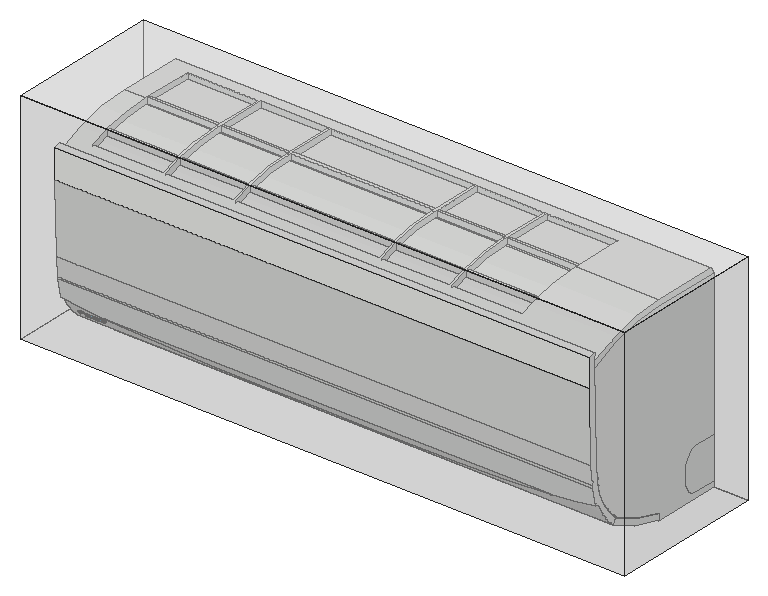
Revit family "outputfile", category 機械設備, Revit 2024
Family settings
  丸型コネクタ寸法 = 半径を使用
  パーツ タイプ = 標準
  OmniClass 番号 = 23.75.10.24.21.27.27
  OmniClass タイトル = Split System Air Conditioning Units
  作業面ベース = いいえ
  常に垂直 = はい
  ロード時にボイドで切り取り = いいえ
  注釈の向きを維持 = いいえ
  共有 = いいえ
  部屋計算ポイント = いいえ
Parameters (values of type "CTKC09RV2S")
  Description = ""
  書き出し IFC クラス(タイプ) = "IfcUnitaryEquipmentType"
  定義済み IFC タイプ(タイプ) = "AIRCONDITIONINGUNIT"
  Cost = 0
  Type Comments = ""
  Keynote = ""
  Type Image = (empty or 0)
  Assembly Code = ""
  w_wall hole = if(Width = 770.0 mm, 48.0 mm, 60.0 mm)  # 48.0 mm
  製造元 = "Daikin"
  モデル = "CTKC09RV2S"
  switch_frequency = yes
  r_Liquid Pipe Size = Liquid Pipe Size / 2  # 3.2 mm
  r_Gas Pipe Size = Gas Pipe Size / 2  # 4.75 mm
  r_Drain Pipe Size = Drain Pipe Size / 2  # 8.0 mm
  lw_powersupply [instance] = if(Width = 770.0 mm, if(or(Rear Right Connection_refrigerant, Bottom Right Connection_refrigerant), 25.0 mm, if(or(Rear Left Connection_refrigerant, Bottom Left Connection_refrigerant), 745.0 mm, 400.0 mm)), if(Width = 990.0 mm, if(or(Rear Right Connection_refrigerant, Bottom Right Connection_refrigerant), 40.0 mm, if(or(Rear Left Connection_refrigerant, Bottom Left Connection_refrigerant), 920.0 mm, 400.0 mm)), if(or(Rear Right Connection_refrigerant, Bottom Right Connection_refrigerant), 40.0 mm, if(or(Rear Left Connection_refrigerant, Bottom Left Connection_refrigerant), 920.0 mm, 400.0 mm))))  # 400.0 mm
  lw_liquidpipe [instance] = if(Width = 770.0 mm, if(or(Rear Right Connection_refrigerant, Bottom Right Connection_refrigerant), 0.0 mm, if(or(Rear Left Connection_refrigerant, Bottom Left Connection_refrigerant), 664.0 mm, 385.0 mm)), if(Width = 990.0 mm, if(or(Rear Right Connection_refrigerant, Bottom Right Connection_refrigerant), 0.0 mm, if(or(Rear Left Connection_refrigerant, Bottom Left Connection_refrigerant), 664.0 mm + (990.0 mm - 770.0 mm), 475.0 mm)), if(or(Rear Right Connection_refrigerant, Bottom Right Connection_refrigerant), 0.0 mm, if(or(Rear Left Connection_refrigerant, Bottom Left Connection_refrigerant), 664.0 mm + (990.0 mm - 770.0 mm), 475.0 mm))))  # 385.0 mm
  lw_gaspipe [instance] = if(Width = 770.0 mm, if(or(Rear Right Connection_refrigerant, Bottom Right Connection_refrigerant), 0.0 mm, if(or(Rear Left Connection_refrigerant, Bottom Left Connection_refrigerant), 675.0 mm, if(Gas Pipe Size = 12.7 mm, 345.0 mm, 335.0 mm))), if(Width = 990.0 mm, if(or(Rear Right Connection_refrigerant, Bottom Right Connection_refrigerant), 10.0 mm, if(or(Rear Left Connection_refrigerant, Bottom Left Connection_refrigerant), 890.0 mm, if(Gas Pipe Size = 15.9 mm, 410.0 mm, 400.0 mm))), if(or(Rear Right Connection_refrigerant, Bottom Right Connection_refrigerant), 10.0 mm, if(or(Rear Left Connection_refrigerant, Bottom Left Connection_refrigerant), 890.0 mm, if(Gas Pipe Size = 15.9 mm, 410.0 mm, 400.0 mm)))))  # 335.0 mm
  lw_drainpipe [instance] = if(Width = 770.0 mm, if(or(Rear Right Connection_refrigerant, Bottom Right Connection_refrigerant), 0.0 mm, if(or(Rear Left Connection_refrigerant, Bottom Left Connection_refrigerant), 770.0 mm - 48.0 mm - 48.0 mm, 440.0 mm)), if(Width = 990.0 mm, if(or(Rear Right Connection_refrigerant, Bottom Right Connection_refrigerant), 0.0 mm, if(or(Rear Left Connection_refrigerant, Bottom Left Connection_refrigerant), 675.0 mm + (990.0 mm - 770.0 mm), 435.0 mm)), if(or(Rear Right Connection_refrigerant, Bottom Right Connection_refrigerant), 0.0 mm, if(or(Rear Left Connection_refrigerant, Bottom Left Connection_refrigerant), 675.0 mm + (990.0 mm - 770.0 mm), 435.0 mm))))  # 440.0 mm
  l_powersupply_length [instance] = if(Width = 770.0 mm, if(Right Connection_refrigerant, 400.0 mm, if(Left Connection_refrigerant, 770.0 mm - 400.0 mm, if(or(Rear Left Connection_refrigerant, Rear Right Connection_refrigerant), 15.0 mm, 50.0 mm))), if(Width = 990.0 mm, if(Right Connection_refrigerant, 400.0 mm, if(Left Connection_refrigerant, 990.0 mm - 400.0 mm, if(or(Rear Left Connection_refrigerant, Rear Right Connection_refrigerant), 15.0 mm, 50.0 mm))), if(Right Connection_refrigerant, 400.0 mm, if(Left Connection_refrigerant, 990.0 mm - 400.0 mm, if(or(Rear Left Connection_refrigerant, Rear Right Connection_refrigerant), 15.0 mm, 50.0 mm)))))  # 400.0 mm
  l_liquidpipe_length [instance] = if(Width = 770.0 mm, if(Right Connection_refrigerant, 433.0 mm, if(Left Connection_refrigerant, 337.0 mm, if(or(Rear Left Connection_refrigerant, Rear Right Connection_refrigerant), 30.0 mm, 40.0 mm))), if(Width = 990.0 mm, if(Right Connection_refrigerant, 535.0 mm, if(Left Connection_refrigerant, 455.0 mm, if(or(Rear Left Connection_refrigerant, Rear Right Connection_refrigerant), 30.0 mm, 40.0 mm))), if(Right Connection_refrigerant, 535.0 mm, if(Left Connection_refrigerant, 455.0 mm, if(or(Rear Left Connection_refrigerant, Rear Right Connection_refrigerant), 30.0 mm, 40.0 mm)))))  # 433.0 mm
  l_gaspipe_length [instance] = if(Width = 770.0 mm, if(Right Connection_refrigerant, if(Gas Pipe Size = 12.7 mm, 393.0 mm, 383.0 mm), if(Left Connection_refrigerant, if(Gas Pipe Size = 12.7 mm, 770.0 mm - 393.0 mm, 770.0 mm - 383.0 mm), if(or(Rear Left Connection_refrigerant, Rear Right Connection_refrigerant), 40.0 mm, 50.0 mm))), if(Width = 990.0 mm, if(Right Connection_refrigerant, if(Gas Pipe Size = 15.9 mm, 470.0 mm, 460.0 mm), if(Left Connection_refrigerant, if(Gas Pipe Size = 15.9 mm, 990.0 mm - 470.0 mm, 990.0 mm - 460.0 mm), if(or(Rear Left Connection_refrigerant, Rear Right Connection_refrigerant), 40.0 mm, 50.0 mm))), if(Right Connection_refrigerant, if(Gas Pipe Size = 15.9 mm, 470.0 mm, 460.0 mm), if(Left Connection_refrigerant, if(Gas Pipe Size = 15.9 mm, 990.0 mm - 470.0 mm, 990.0 mm - 460.0 mm), if(or(Rear Left Connection_refrigerant, Rear Right Connection_refrigerant), 40.0 mm, 50.0 mm)))))  # 383.0 mm
  l_drainpipe_length [instance] = if(Width = 770.0 mm, if(Right Connection_refrigerant, 488.0 mm, if(Left Connection_refrigerant, 282.0 mm, if(or(Rear Left Connection_refrigerant, Rear Right Connection_refrigerant), 15.0 mm, 20.0 mm))), if(Width = 990.0 mm, if(Right Connection_refrigerant, 495.0 mm, if(Left Connection_refrigerant, 495.0 mm, if(or(Rear Left Connection_refrigerant, Rear Right Connection_refrigerant), 15.0 mm, 20.0 mm))), if(Right Connection_refrigerant, 495.0 mm, if(Left Connection_refrigerant, 495.0 mm, if(or(Rear Left Connection_refrigerant, Rear Right Connection_refrigerant), 15.0 mm, 20.0 mm)))))  # 488.0 mm
  h*** = 0.0 mm  # constant formula
  connector_voltage = Voltage_50Hz  # 220 V
  connector_powerinput = [Power Input (Cooling)]  # 0.000 kW
  connector_phase = Phase_50Hz  # 1
  angle_vertical [instance] = if(or(Bottom Left Connection_refrigerant, Bottom Right Connection_refrigerant), 0.00°, 90.00°)  # 90.00°
  angle_horizontal [instance] = if(Right Connection_refrigerant, 90.00°, if(Left Connection_refrigerant, -90.00°, if(or(Rear Left Connection_refrigerant, Rear Right Connection_refrigerant), 180.00°, 0.00°)))  # 90.00°
  Width = 770.0 mm
  Voltage_comment_50Hz = "220 - 240"
  Voltage_50Hz = 220 V
  Version = "ver.1.0"
  Unit Type = "Wall Mounted"
  Unit Mass Weight = 9.00 kg
  Unit Designation [instance] = ""
  Uniclass2015Version = "Products v1.30"
  Uniclass2015Title = "Split coil room air conditioning units"
  Uniclass2015Code = "Pr_70_65_03_86"
  URL = ""
  Total Cooling Capacity [instance] = 0.000 kW
  Sound Pressure Level_M speed (dBA) = 33
  Sound Pressure Level_L speed (dBA) = 25
  Sound Pressure Level_H speed (dBA) = 38
  Sound Power Level_H speed (dB) = 0
  Series = "Multi Split_Fan Coil Unit"
  Sensible Cooling Capacity [instance] = 0.000 kW
  Refrigerant Type = "R32"
  Power Input (Cooling) = 0.000 kW
  Phase_50Hz = 1
  Option Accessory 3 [instance] = ""
  Option Accessory 2 [instance] = ""
  Option Accessory 1 [instance] = ""
  Nominal Cooling Capacity = 2.500 kW
  Minimum Circuit Amps_50Hz = 0.0 A
  Minimum Airflow = 396.00 m³/h
  Median Airflow = 540.00 m³/h
  Maximum Fuse Amps_50Hz = 0.0 A
  Maximum Airflow = 660.00 m³/h
  Material_Casing = DAIKIN_White_Casing_indoorunit
  Load Classification = HVAC
  Liquid Pipe Size = 6.4 mm
  Link_Nested Family [instance] = ""
  IfcVersion = ""
  IfcExportType = "AIRCONDITIONINGUNIT"
  IfcExportAs = "IfcUnitaryEquipmentType"
  Height = 285.0 mm
  Heat Exchanger Type = "Cross Fin Coil"
  Gas Pipe Size = 9.5 mm
  Frequency_50Hz = 50 Hz
  Fan Type = "Cross Flow Fan"
  Fan Drive = "Direct Drive"
  FCU Tag No. [instance] = ""
  Drain Pipe Size = 16.0 mm
  Design Supply Airflow [instance] = 0.00 m³/h
  Depth = 223.0 mm
  既定の高さ = 0.0 mm
  Cooling Entering Wet Bulb Temperature [instance] = 0.00 °C
  Cooling Entering Dry Bulb Temperature [instance] = 0.00 °C
  Cooling Ambient Wet Bulb Temperature [instance] = 0.00 °C
  Cooling Ambient Dry Bulb Temperature [instance] = 0.00 °C
  Clearance visibility [instance] = yes
  Clearance Top = 30.0 mm
  Clearance Right = 50.0 mm
  Clearance Rear = 0.0 mm
  Clearance Left = 50.0 mm
  Clearance Front = 0.0 mm
  Clearance Bottom = 0.0 mm
  Bottom Right Connection_refrigerant [instance] = no
  Bottom Left Connection_refrigerant [instance] = no
  Rear Right Connection_refrigerant [instance] = no
  Rear Left Connection_refrigerant [instance] = no
  Right Connection_refrigerant [instance] = yes
  Left Connection_refrigerant [instance] = no
Reference planes
  plane 1 "Back": y = 0
  plane 2: z = 0
  plane 3 "Center (Left/Right)": x = 0
  plane 4 "Center (Front/Back)": y = -111.5
  plane 5 "Front": y = -223
  plane 6 "Left": x = -385
  plane 7 "Right": x = 385
  plane 8 "Top": z = 0
  plane 9 "Bottom": z = -285
  plane 10: x = -435
  plane 11: x = 435
  plane 12: y = 0
  plane 13: y = -223
  plane 14: z = 30
  plane 15: z = -285
  plane 16 "lw_Piping and Wiring intake": x = 337
  plane 17 "lw_gaspipe": x = 2
  plane 18 "lw_liquidpipe": x = -48
  plane 19 "lw_drainpipe": x = -103
  plane 20 "lh_drainpipe": z = -265
  plane 21 "lh_liquidpipe": z = -245
  plane 22 "lh_gaspipe": z = -235
  plane 23 "ld_drainpipe": y = -15
  plane 24 "ld_liquidpipe": y = -30
  plane 25 "ld_gaspipe": y = -40
  plane 26 "lw_powersupply": x = -15
Dimensions and locks
  equal spacing: plane 6 "Left", plane 3 "Center (Left/Right)", plane 7 "Right"
  "Width": plane 6 "Left" to plane 7 "Right"
  equal spacing: plane 5 "Front", plane 4 "Center (Front/Back)", plane 1 "Back"
  "Depth": plane 5 "Front" to plane 1 "Back"
  "Height": plane 8 "Top" to plane 9 "Bottom"
  "Clearance Rear": plane 12 to plane 1 "Back"
  "Clearance Front": plane 13 to plane 5 "Front"
  "Clearance Top": plane 14 to plane 8 "Top"
  "Clearance Bottom": plane 9 "Bottom" to plane 15
  "w_wall hole": plane 16 "lw_Piping and Wiring intake" to plane 7 "Right"
  "lw_gaspipe": plane 17 "lw_gaspipe" to plane 16 "lw_Piping and Wiring intake"
  "lw_liquidpipe": plane 18 "lw_liquidpipe" to plane 16 "lw_Piping and Wiring intake"
  "lw_drainpipe": plane 19 "lw_drainpipe" to plane 16 "lw_Piping and Wiring intake"
  locked: plane 20 "lh_drainpipe" to plane 9 "Bottom" at 20
  locked: plane 21 "lh_liquidpipe" to plane 9 "Bottom" at 40
  locked: plane 22 "lh_gaspipe" to plane 9 "Bottom" at 50
  locked: plane 23 "ld_drainpipe" to plane 1 "Back" at 15
  locked: plane 1 "Back" to plane 24 "ld_liquidpipe" at 30
  locked: plane 1 "Back" to plane 25 "ld_gaspipe" at 40
  "lw_powersupply": plane 26 "lw_powersupply" to plane 7 "Right"
  "Clearance Right": plane 7 "Right" to plane 11
  "Clearance Left": plane 10 to plane 6 "Left"
  aligned and locked: level to plane 2
  aligned and locked: plane 12 to nested 1
  aligned and locked: nested 1 to plane 13
  aligned and locked: plane 10 to nested 1
  aligned and locked: plane 11 to nested 1
  aligned and locked: plane 15 to nested 1
  aligned and locked: plane 14 to nested 1
  aligned and locked: plane 17 "lw_gaspipe" to nested 2
  aligned and locked: nested 2 to plane 25 "ld_gaspipe"
  aligned and locked: plane 18 "lw_liquidpipe" to nested 3
  aligned and locked: nested 3 to plane 24 "ld_liquidpipe"
  aligned and locked: plane 19 "lw_drainpipe" to nested 4
  aligned and locked: nested 4 to plane 23 "ld_drainpipe"
  aligned and locked: nested 5 to plane 23 "ld_drainpipe"
  aligned and locked: plane 26 "lw_powersupply" to nested 5
  aligned and locked: level to plane 8 "Top"
  aligned and locked: plane 3 "Center (Left/Right)" to nested 6
  aligned and locked: plane 1 "Back" to nested 6
  aligned and locked: plane 8 "Top" to nested 6
Nested families
  nested 1: "daikin_clearancespace" at (0, -111.5, -127.381), show <- "Clearance visibility", visible <- "Clearance visibility", Link_Nested Family <- "Link_Nested Family", type "daikin_clearancespace"
    with width 870.0 mm, show yes, height 315.0 mm, depth 223.0 mm, Link_Nested Family ""
  nested 2: "daikin_connector_rotate3" at (2, -40, -235), angle_vertical <- "angle_vertical", angle_horizontal <- "angle_horizontal", length <- "l_gaspipe_length", radius <- "r_Gas Pipe Size", type "daikin_connector_rotate3"
    with show no, radius 4.75 mm, length 383.0 mm, angle_vertical 90.00°, angle_horizontal 90.00°
  nested 3: "daikin_connector_rotate3" at (-48, -30, -245), angle_vertical <- "angle_vertical", angle_horizontal <- "angle_horizontal", radius <- "r_Liquid Pipe Size", length <- "l_liquidpipe_length", type "daikin_connector_rotate3"
    with show no, radius 3.2 mm, length 433.0 mm, angle_vertical 90.00°, angle_horizontal 90.00°
  nested 4: "daikin_connector_rotate3" at (-103, -15, -265), angle_vertical <- "angle_vertical", angle_horizontal <- "angle_horizontal", length <- "l_drainpipe_length", radius <- "r_Drain Pipe Size", type "daikin_connector_rotate3"
    with show no, radius 8.0 mm, length 488.0 mm, angle_vertical 90.00°, angle_horizontal 90.00°
  nested 5: "daikin_connector_rotate3" at (-15, -15, -235), angle_vertical <- "angle_vertical", angle_horizontal <- "angle_horizontal", length <- "l_powersupply_length", type "daikin_connector_rotate3"
    with show no, radius 10.0 mm, length 400.0 mm, angle_vertical 90.00°, angle_horizontal 90.00°
  nested 6: "DAIKIN_indoorunit_CTKC-RV2S" at (-31, 0, 0), type "CTKC-RV2S"
Connectors
  piping at (385, -40, -235), diameter 9.5, driven by "r_Gas Pipe Size"
    settings: on nested 2, index 1, connector inside diameter 609.6 mm, connector length 0.0 mm, flow factor 0, pipe flow 0.00 m³/h, pressure drop 0.0 Pa, fitting loss kfactor 0, connector angle 0.00°, fixture units 0, engagement length 0.0 mm, angle of deflection 0.00°, flow configuration 1, flow direction 2, fitting loss method 0, system type 29, joint type 0, gender type 0, connector reference index -1, connector utility 0, adjustable connector no, is connector primary yes, connector description "Refrigerant Gas Piping"
  piping at (385, -30, -245), diameter 6.4, driven by "r_Liquid Pipe Size"
    settings: on nested 3, index 2, connector inside diameter 609.6 mm, connector length 0.0 mm, flow factor 0, pipe flow 0.00 m³/h, pressure drop 0.0 Pa, fitting loss kfactor 0, connector angle 0.00°, fixture units 0, engagement length 0.0 mm, angle of deflection 0.00°, flow configuration 1, flow direction 1, fitting loss method 0, system type 29, joint type 0, gender type 0, connector reference index -1, connector utility 0, adjustable connector no, is connector primary no, connector description "Refrigerant Liquid Piping"
  piping at (385, -15, -265), diameter 16, driven by "r_Drain Pipe Size"
    settings: on nested 4, index 3, connector inside diameter 609.6 mm, connector length 0.0 mm, flow factor 0, pipe flow 0.00 m³/h, pressure drop 0.0 Pa, fitting loss kfactor 0, connector angle 0.00°, fixture units 0, engagement length 0.0 mm, angle of deflection 0.00°, flow configuration 1, flow direction 2, fitting loss method 4, system type 16, joint type 0, gender type 0, connector reference index -1, connector utility 0, adjustable connector no, is connector primary no, connector description "Condensate Drain Piping"
  electrical at (385, -15, -235), driven by "Load Classification", driven by "connector_powerinput", driven by "connector_voltage", driven by "connector_phase"
    settings: on nested 5, index 4, voltage 220 V, apparent load 0 VA, apparent load phase1 0 VA, apparent load phase2 0 VA, apparent load phase3 0 VA, power factor 1, load classification "HVAC", number of poles 1, system type 30, power factor state 1, is connector primary yes, connector utility no, sub classification motor no, connector description "Power Supply"
Definition of nested family "daikin_clearancespace"
  Parameters (values of type "daikin_clearancespace")
    Description = "daikin_clearancespace"
    width [instance] = 1823.963 mm
    show [instance] = yes
    material = none
    height [instance] = 1359.762 mm
    depth [instance] = 880.0 mm
    Default Elevation = 0.0 mm
    Link_Nested Family [instance] = ""
  Reference planes
    plane 1 "Center (Front/Back)": y = 0
    plane 2 "Center (Elevation)": z = -0.119
    plane 3 "Center (Left/Right)": x = 0
    plane 4: y = 440
    plane 5: y = -440
    plane 6 "Right": x = 911.982
    plane 7 "Left": x = -911.982
    plane 8 "Top": z = 679.762
    plane 9 "Bottom": z = -680
  Forms (mm)
    Extrusion 1, solid, material <- "material", visible <- "show"
      sketch origin (0, 0, 0) x (1, 0, 0) y (0, 1, 0)
        loop
          line (-911.982, 440) -> (-911.982, -440) -> (911.982, -440) -> (911.982, 440) -> (-911.982, 440)
      from -680 to 679.762
  Lines and regions (mm)
    symbolic lines, visible <- "show"
      curve 1: line (911.982, 440, 0) -> (-911.982, 440, 0)
      curve 2: line (-911.982, 440, 0) -> (-911.982, -440, 0)
      curve 3: line (-911.982, -440, 0) -> (911.982, -440, 0)
      curve 4: line (911.982, -440, 0) -> (911.982, 440, 0)
      curve 5: line (911.982, 0, 679.762) -> (-911.982, 0, 679.762)
      curve 6: line (911.982, 0, -680) -> (911.982, 0, 679.762)
      curve 7: line (-911.982, 0, -680) -> (911.982, 0, -680)
      curve 8: line (-911.982, 0, 679.762) -> (-911.982, 0, -680)
      curve 9: line (0, 440, 679.762) -> (0, -440, 679.762)
      curve 10: line (0, -440, 679.762) -> (0, -440, -680)
      curve 11: line (0, 440, -680) -> (0, 440, 679.762)
      curve 12: line (0, -440, -680) -> (0, 440, -680)
  Dimensions and locks
    "width": plane 7 "Left" to plane 6 "Right"
    "depth": plane 4 to plane 5
    "height": plane 8 "Top" to plane 9 "Bottom"
    equal spacing: plane 7 "Left", plane 3 "Center (Left/Right)", plane 6 "Right"
    equal spacing: plane 4, plane 1 "Center (Front/Back)", plane 5
    equal spacing: plane 8 "Top", plane 2 "Center (Elevation)", plane 9 "Bottom"
    aligned and locked: level to plane 2 "Center (Elevation)"
    aligned and locked: Extrusion 1 sketch curve to plane 4
    aligned and locked: plane 7 "Left" to Extrusion 1 sketch curve
    aligned and locked: Extrusion 1 sketch curve to plane 5
    aligned and locked: Extrusion 1 sketch curve to plane 6 "Right"
    aligned and locked: plane 8 "Top" to Extrusion 1
    aligned and locked: curve 1 to Extrusion 1
    aligned and locked: curve 2 to Extrusion 1
    aligned and locked: curve 3 to Extrusion 1
    aligned and locked: curve 4 to Extrusion 1
    aligned and locked: curve 5 to Extrusion 1
    aligned and locked: curve 6 to Extrusion 1
    aligned and locked: curve 7 to Extrusion 1
    aligned and locked: curve 8 to Extrusion 1
    aligned and locked: curve 9 to Extrusion 1
    aligned and locked: curve 10 to Extrusion 1
    aligned and locked: curve 11 to Extrusion 1
    aligned and locked: curve 12 to Extrusion 1
    aligned and locked: Extrusion 1 to plane 9 "Bottom"
Definition of nested family "DAIKIN_indoorunit_CTKC-RV2S"
  Parameters (values of type "CTKC-RV2S")
    Material_Casing = none
    Default Elevation = 0.0 mm
  Reference planes
    plane 1 "Center (Front/Back)": y = 0
    plane 2 "reference_level": z = 0
    plane 3 "Center (Left/Right)": x = 31
    plane 4: x = -354
    plane 5: x = 416
    plane 6: z = -285
  Forms (mm)
    Extrusion 1, solid, material <- "Material_Casing"
      sketch origin (29, 0, 0) x (0, 1, 0) y (0, 0, 1)
        loop
          line (-5, 0) -> (-98, 0)
          arc (-98, 0) -> (-157.611, -7.211) -> (-213.783, -28.427) r 250
          arc (-213.783, -28.427) -> (-213.842, -32.972) -> (-213.892, -37.516) r 2191
          arc (-213.892, -37.516) -> (-157.832, -15.495) -> (-98.07, -8) r 242
          line (-98.07, -8) -> (0, -8) -> (-5, 0)
      from -383 to 387
    Extrusion 2, solid, material <- "Material_Casing"
      sketch origin (416, 1296.25, 1200) x (0, 1, 0) y (0, 0, 1)
        loop
          line (-1472.998, -1446.91) -> (-1476.998, -1453.839)
          arc (-1476.998, -1453.839) -> (-1437.481, -1472.422) -> (-1395.25, -1483.538) r 240
          line (-1395.25, -1483.538) -> (-1395.25, -1475.422)
          arc (-1395.25, -1475.422) -> (-1435.407, -1464.663) -> (-1472.998, -1446.91) r 232
      from 0 to -47.5
    Extrusion 3, solid, material <- "Material_Casing"
      sketch origin (29, 0, 0) x (0, 1, 0) y (0, 0, 1)
        loop
          arc (-223, -60.455) -> (-222.414, -110.646) -> (-220.656, -160.81) r 2149.92
          arc (-220.656, -160.81) -> (-219.65, -174.299) -> (-217.853, -187.706) r 229.911
          arc (-217.853, -187.706) -> (-205.371, -223.594) -> (-181.517, -253.17) r 111
          line (-181.517, -253.17) -> (-177.429, -246.093)
          arc (-177.429, -246.093) -> (-198.77, -218.989) -> (-209.965, -186.36) r 103
          arc (-209.965, -186.36) -> (-211.681, -173.586) -> (-212.651, -160.735) r 221.844
          arc (-212.651, -160.735) -> (-214.739, -93.233) -> (-214.74, -25.699) r 2186.828
          arc (-214.74, -25.699) -> (-214.671, -21.467) -> (-214.594, -17.235) r 2192
          line (-214.594, -17.235) -> (-223, -19.961) -> (-223, -60.455)
      from -383 to 387
    Extrusion 4, solid, material <- "Material_Casing"
      sketch origin (29, 0, 0) x (0, 1, 0) y (0, 0, 1)
        loop
          line (-181.517, -253.17) -> (-179.597, -249.846)
          arc (-179.597, -249.846) -> (-202.009, -221.399) -> (-213.189, -186.952) r 103
          line (-213.189, -186.952) -> (-217.853, -187.706)
          arc (-217.853, -187.706) -> (-217.533, -189.556) -> (-217.182, -191.4) r 111
          arc (-217.182, -191.4) -> (-213.806, -208.181) -> (-210.362, -224.948) r 4257.809
          arc (-210.362, -224.948) -> (-198.886, -237.857) -> (-186.225, -249.607) r 180
          line (-186.225, -249.607) -> (-181.517, -253.17)
      from -383 to 387
    Extrusion 5, solid, material <- "Material_Casing"
      sketch origin (29, 0, -20) x (0, 1, 0) y (0, 0, 1)
        loop
          line (0, -265) -> (0, 12) -> (-98.07, 12)
          arc (-98.07, 12) -> (-157.832, 4.505) -> (-213.892, -17.516) r 242
          arc (-213.892, -17.516) -> (-213.638, -79.114) -> (-211.653, -140.681) r 2191
          arc (-211.653, -140.681) -> (-210.685, -153.501) -> (-208.973, -166.243) r 221
          arc (-208.973, -166.243) -> (-197.471, -199.282) -> (-175.482, -226.491) r 102
          arc (-175.482, -226.491) -> (-138.004, -244.019) -> (-98, -254.579) r 231
          line (-98, -254.579) -> (-98, -265) -> (0, -265)
      from -383 to 387
    Extrusion 6, solid, material <- "Material_Casing"
      sketch origin (-354, 1296.25, 1200) x (0, 1, 0) y (0, 0, 1)
        loop
          line (-1472.998, -1446.91) -> (-1476.998, -1453.839)
          arc (-1476.998, -1453.839) -> (-1437.481, -1472.422) -> (-1395.25, -1483.538) r 240
          line (-1395.25, -1483.538) -> (-1395.25, -1475.422)
          arc (-1395.25, -1475.422) -> (-1435.407, -1464.663) -> (-1472.998, -1446.91) r 232
      from 47 to 0
    Extrusion 7, solid, material <- "Material_Casing"
      sketch origin (416, 1296.25, 1200) x (0, 1, 0) y (0, 0, 1)
        loop
          line (-1472.998, -1446.91) -> (-1476.998, -1453.839)
          arc (-1476.998, -1453.839) -> (-1443.437, -1470.168) -> (-1407.75, -1481.097) r 240
          line (-1407.75, -1481.097) -> (-1407.75, -1472.894)
          arc (-1407.75, -1472.894) -> (-1441.363, -1462.385) -> (-1472.998, -1446.91) r 232
      from -116.993 to -48.493
    Extrusion 8, solid, material <- "Material_Casing"
      sketch origin (416, 1296.25, 1200) x (0, 1, 0) y (0, 0, 1)
        loop
          line (-1472.998, -1446.91) -> (-1476.998, -1453.839)
          arc (-1476.998, -1453.839) -> (-1443.437, -1470.168) -> (-1407.75, -1481.097) r 240
          line (-1407.75, -1481.097) -> (-1407.75, -1472.894)
          arc (-1407.75, -1472.894) -> (-1441.363, -1462.385) -> (-1472.998, -1446.91) r 232
      from -717 to -121.993
    Extrusion 9, void
      sketch origin (31, 0, -235) x (1, 0, 0) y (0, 1, 0)
        loop
          line (-252.674, -22.316) -> (-354.941, -22.316) -> (-354.941, -91.341) -> (-252.674, -91.341) -> (-252.674, -22.316)
        loop
          line (-249.341, -91.341) -> (-151.574, -91.341) -> (-151.574, -22.316) -> (-249.341, -22.316) -> (-249.341, -91.341)
        loop
          line (58.309, -22.316) -> (-148.309, -22.316) -> (-148.309, -91.341) -> (58.309, -91.341) -> (58.309, -22.316)
        loop
          line (61.689, -22.316) -> (61.689, -91.341) -> (159.457, -91.341) -> (159.457, -22.316) -> (61.689, -22.316)
        loop
          line (162.789, -22.316) -> (162.789, -91.341) -> (265.057, -91.341) -> (265.057, -22.316) -> (162.789, -22.316)
        loop
          line (-354.941, -94.659) -> (-354.941, -165.259) -> (-252.674, -165.259) -> (-252.674, -94.659) -> (-354.941, -94.659)
        loop
          line (-249.341, -94.659) -> (-249.341, -165.259) -> (-151.574, -165.259) -> (-151.574, -94.659) -> (-249.341, -94.659)
        loop
          line (-148.309, -94.659) -> (-148.309, -165.259) -> (58.309, -165.259) -> (58.309, -94.659) -> (-148.309, -94.659)
        loop
          line (61.689, -94.659) -> (61.689, -165.259) -> (159.457, -165.259) -> (159.457, -94.659) -> (61.689, -94.659)
        loop
          line (162.789, -94.659) -> (162.789, -165.259) -> (265.057, -165.259) -> (265.057, -94.659) -> (162.789, -94.659)
        loop
          line (-354.941, -167.382) -> (-354.941, -192.681) -> (-252.674, -192.681) -> (-252.674, -167.382) -> (-354.941, -167.382)
        loop
          line (-249.341, -167.382) -> (-249.341, -192.681) -> (-151.574, -192.681) -> (-151.574, -167.382) -> (-249.341, -167.382)
        loop
          line (-148.309, -167.382) -> (-148.309, -192.681) -> (58.309, -192.681) -> (58.309, -167.382) -> (-148.309, -167.382)
        loop
          line (159.457, -167.382) -> (61.689, -167.382) -> (61.689, -192.681) -> (159.457, -192.681) -> (159.457, -167.382)
        loop
          line (265.057, -167.382) -> (162.789, -167.382) -> (162.789, -192.681) -> (265.057, -192.681) -> (265.057, -167.382)
      from 201.638 to 250
    Extrusion 10, void
      sketch origin (31, 0, 0) x (1, 0, 0) y (0, 0, 1)
        loop
          arc (597, -174.907) -> (0.056, -245.263) -> (-597, -175.856) r 2585.042
          line (-597, -175.856) -> (-597, -352.872) -> (597, -352.872) -> (597, -174.907)
      from 173 to 315.3
    Extrusion 11, solid, material <- "Material_Casing"
      sketch origin (31, 0, 0) x (1, 0, 0) y (0, 0, 1)
        loop
          circle (337, -240.5) r 32.5
        loop
          circle (-337, -240.5) r 32.5
      from 0 to 5
    Extrusion 12, solid, material <- "Material_Casing"
      sketch origin (416, 1296.25, 1200) x (0, -1, 0) y (0, 0, 1)
        loop
          line (1326.25, -1417) -> (1296.25, -1417) -> (1296.25, -1477) -> (1326.25, -1477)
          arc (1326.25, -1477) -> (1340.393, -1471.142) -> (1346.25, -1457) r 20
          line (1346.25, -1457) -> (1346.25, -1437)
          arc (1346.25, -1437) -> (1340.393, -1422.858) -> (1326.25, -1417) r 20
      from 0 to 5
    Extrusion 13, solid, material <- "Material_Casing"
      sketch origin (-354, 1296.25, 1200) x (0, 1, 0) y (0, 0, 1)
        loop
          line (-1296.25, -1417) -> (-1326.25, -1417)
          arc (-1326.25, -1417) -> (-1340.393, -1422.858) -> (-1346.25, -1437) r 20
          line (-1346.25, -1437) -> (-1346.25, -1457)
          arc (-1346.25, -1457) -> (-1340.393, -1471.142) -> (-1326.25, -1477) r 20
          line (-1326.25, -1477) -> (-1296.25, -1477) -> (-1296.25, -1417)
      from 0 to 5
    Extrusion 14, solid, material <- "Material_Casing"
      sketch origin (31, 0, -285) x (-1, 0, 0) y (0, -1, 0)
        loop
          line (-314, 0) -> (-314, 30)
          arc (-314, 30) -> (-319.858, 44.142) -> (-334, 50) r 20
          line (-334, 50) -> (-354, 50)
          arc (-354, 50) -> (-368.142, 44.142) -> (-374, 30) r 20
          line (-374, 30) -> (-374, 0) -> (-314, 0)
        loop
          line (374, 0) -> (374, 30)
          arc (374, 30) -> (368.142, 44.142) -> (354, 50) r 20
          line (354, 50) -> (334, 50)
          arc (334, 50) -> (319.858, 44.142) -> (314, 30) r 20
          line (314, 30) -> (314, 0) -> (374, 0)
      from 0 to 5
  Cuts and joins
    Extrusion 9 cuts Extrusion 1
    Extrusion 10 cuts Extrusion 4
    joined: Extrusion 3, Extrusion 4
  Lines and regions (mm)
    reference lines
      curve 1: line (-523, -201.911, -229.404) -> (-523, -193.542, -239.977)
  Dimensions and locks
    locked: Extrusion 10 sketch curve to Extrusion 10 sketch curve at 1194
    Extrusion 10 sketch curve to Extrusion 10 sketch curve = 1194.0 mm
    locked: Extrusion 12 sketch curve to Extrusion 12 sketch curve at 60
    locked: Extrusion 12 sketch curve to Extrusion 12 sketch curve at 50
    locked: Extrusion 14 sketch curve to Extrusion 14 sketch curve at 60  (x2)
    locked: Extrusion 14 sketch curve to Extrusion 14 sketch curve at 50
    equal spacing: plane 5, plane 3 "Center (Left/Right)", plane 4
    plane 5 to plane 4 = 770.0 mm
    locked: Extrusion 11 sketch curve to plane 4 at 48
    plane 5 to Extrusion 11 sketch curve = 48.0 mm
    plane 2 "reference_level" to plane 6 = 285.0 mm
    locked: Extrusion 11 sketch curve to plane 6 at 44.5  (x2)
    locked: cut or joined group of Extrusion 3, Extrusion 4, Extrusion 10 to nested 1 at 15
    diameter of Extrusion 11 sketch curve = 65.0 mm  (x2)
    aligned and locked: level to plane 2 "reference_level"
    aligned and locked: nested 1 to curve 1
    aligned and locked: Extrusion 13 sketch curve to Extrusion 12  (x4)
    aligned and locked: Extrusion 14 sketch curve to Extrusion 14 sketch curve  (x2)
    aligned and locked: Extrusion 11 to plane 1 "Center (Front/Back)"
  Automatic sketch dimensions
    Extrusion 10 sketch curve to plane 3 "Center (Left/Right)" = 597.0 mm
    Extrusion 10 sketch curve to plane 3 "Center (Left/Right)" = 2.0 mm
    Extrusion 10 sketch curve to level = 352.872 mm
    Extrusion 10 sketch curve to level = 175.856 mm
    Extrusion 10 sketch curve to level = 174.907 mm
    curve 1 to level = 239.977 mm
    plane 1 "Center (Front/Back)" to curve 1 = 193.542 mm
    curve 1 to curve 1 = 10.573 mm
    curve 1 to curve 1 = 8.368 mm
    Extrusion 1 sketch curve to level = 0.0 mm
    Extrusion 1 sketch curve to plane 1 "Center (Front/Back)" = 0.0 mm
    plane 1 "Center (Front/Back)" to Extrusion 1 sketch curve = 5.0 mm
    plane 1 "Center (Front/Back)" to Extrusion 1 sketch curve = 98.0 mm
    Extrusion 1 sketch curve to Extrusion 1 sketch curve = 0.07 mm
    Extrusion 1 sketch curve to level = 59.292 mm
    Extrusion 1 sketch curve to plane 1 "Center (Front/Back)" = 1977.0 mm
    Extrusion 1 sketch curve to level = 250.0 mm
    Extrusion 1 sketch curve to Extrusion 1 sketch curve = 0.0 mm
    Extrusion 1 sketch curve to level = 8.0 mm
    Extrusion 1 sketch curve to level = 28.427 mm
    plane 1 "Center (Front/Back)" to Extrusion 2 sketch curve = 180.748 mm
    Extrusion 2 sketch curve to Extrusion 2 sketch curve = 4.0 mm
    Extrusion 2 sketch curve to Extrusion 2 sketch curve = 77.747 mm
    plane 1 "Center (Front/Back)" to Extrusion 2 sketch curve = 59.279 mm
    Extrusion 2 sketch curve to Extrusion 2 sketch curve = 0.0 mm
    Extrusion 2 sketch curve to level = 283.538 mm
    Extrusion 2 sketch curve to Extrusion 2 sketch curve = 8.116 mm
    Extrusion 2 sketch curve to Extrusion 2 sketch curve = 21.583 mm
    Extrusion 2 sketch curve to Extrusion 2 sketch curve = 6.929 mm
    Extrusion 3 sketch curve to level = 19.961 mm
    plane 1 "Center (Front/Back)" to Extrusion 3 sketch curve = 223.0 mm
    Extrusion 3 sketch curve to level = 17.235 mm
    Extrusion 3 sketch curve to Extrusion 3 sketch curve = 8.406 mm
    plane 1 "Center (Front/Back)" to Extrusion 3 sketch curve = 181.517 mm
    Extrusion 3 sketch curve to Extrusion 3 sketch curve = 4.087 mm
    Extrusion 3 sketch curve to Extrusion 3 sketch curve = 69.11 mm
    Extrusion 3 sketch curve to Extrusion 3 sketch curve = 0.001 mm
    Extrusion 3 sketch curve to plane 1 "Center (Front/Back)" = 8.955 mm
    Extrusion 3 sketch curve to Extrusion 3 sketch curve = 0.067 mm
    Extrusion 3 sketch curve to level = 60.455 mm
    Extrusion 3 sketch curve to Extrusion 3 sketch curve = 1917.898 mm
    Extrusion 3 sketch curve to Extrusion 3 sketch curve = 44.907 mm
    Extrusion 3 sketch curve to Extrusion 3 sketch curve = 5.172 mm
    Extrusion 3 sketch curve to level = 150.456 mm
    Extrusion 3 sketch curve to Extrusion 3 sketch curve = 0.006 mm
    Extrusion 3 sketch curve to Extrusion 3 sketch curve = 19.265 mm
    Extrusion 3 sketch curve to Extrusion 3 sketch curve = 0.004 mm
    Extrusion 3 sketch curve to Extrusion 3 sketch curve = 76.368 mm
    Extrusion 3 sketch curve to Extrusion 3 sketch curve = 7.077 mm
    Extrusion 3 sketch curve to Extrusion 3 sketch curve = 1.002 mm
    Extrusion 3 sketch curve to Extrusion 3 sketch curve = 0.046 mm
    Extrusion 3 sketch curve to Extrusion 3 sketch curve = 8.005 mm
    Extrusion 3 sketch curve to Extrusion 3 sketch curve = 0.147 mm
    Extrusion 3 sketch curve to Extrusion 3 sketch curve = 0.0 mm
    plane 1 "Center (Front/Back)" to Extrusion 4 sketch curve = 217.853 mm
    Extrusion 4 sketch curve to Extrusion 4 sketch curve = 4.664 mm
    Extrusion 4 sketch curve to Extrusion 4 sketch curve = 26.964 mm
    Extrusion 4 sketch curve to Extrusion 4 sketch curve = 4.708 mm
    Extrusion 4 sketch curve to Extrusion 4 sketch curve = 1.92 mm
    Extrusion 4 sketch curve to Extrusion 4 sketch curve = 68.441 mm
    Extrusion 4 sketch curve to Extrusion 4 sketch curve = 2.837 mm
    Extrusion 4 sketch curve to Extrusion 4 sketch curve = 38.066 mm
    level to Extrusion 4 sketch curve = 640.031 mm
    Extrusion 4 sketch curve to plane 1 "Center (Front/Back)" = 3958.661 mm
    Extrusion 4 sketch curve to level = 111.946 mm
    Extrusion 4 sketch curve to Extrusion 4 sketch curve = 57.779 mm
    Extrusion 4 sketch curve to Extrusion 4 sketch curve = 3.149 mm
    Extrusion 4 sketch curve to Extrusion 4 sketch curve = 14.078 mm
    Extrusion 4 sketch curve to Extrusion 4 sketch curve = 0.754 mm
    Extrusion 4 sketch curve to Extrusion 4 sketch curve = 0.239 mm
    Extrusion 4 sketch curve to Extrusion 4 sketch curve = 3.324 mm
    Extrusion 4 sketch curve to Extrusion 4 sketch curve = 0.0 mm
    Extrusion 5 sketch curve to plane 1 "Center (Front/Back)" = 0.0 mm
    plane 1 "Center (Front/Back)" to Extrusion 5 sketch curve = 59.278 mm
    Extrusion 5 sketch curve to Extrusion 5 sketch curve = 98.0 mm
    Extrusion 5 sketch curve to Extrusion 5 sketch curve = 0.0 mm  (x3)
    Extrusion 5 sketch curve to level = 8.0 mm
    Extrusion 5 sketch curve to Extrusion 5 sketch curve = 38.791 mm
    Extrusion 5 sketch curve to Extrusion 5 sketch curve = 10.249 mm
    Extrusion 5 sketch curve to plane 1 "Center (Front/Back)" = 9.11 mm
    Extrusion 5 sketch curve to level = 59.292 mm
    Extrusion 5 sketch curve to Extrusion 5 sketch curve = 1967.89 mm
    Extrusion 5 sketch curve to Extrusion 5 sketch curve = 142.454 mm
    Extrusion 5 sketch curve to Extrusion 5 sketch curve = 19.271 mm
    Extrusion 5 sketch curve to Extrusion 5 sketch curve = 80.275 mm
    Extrusion 5 sketch curve to Extrusion 5 sketch curve = 24.579 mm
    Extrusion 5 sketch curve to Extrusion 5 sketch curve = 10.421 mm
    Extrusion 5 sketch curve to level = 46.847 mm
    Extrusion 5 sketch curve to Extrusion 5 sketch curve = 77.412 mm
    Extrusion 5 sketch curve to Extrusion 5 sketch curve = 33.49 mm
    Extrusion 5 sketch curve to Extrusion 5 sketch curve = 2.68 mm
    plane 1 "Center (Front/Back)" to Extrusion 6 sketch curve = 180.748 mm
    Extrusion 6 sketch curve to Extrusion 6 sketch curve = 4.0 mm
    Extrusion 6 sketch curve to Extrusion 6 sketch curve = 77.747 mm
    plane 1 "Center (Front/Back)" to Extrusion 6 sketch curve = 59.279 mm
    Extrusion 6 sketch curve to Extrusion 6 sketch curve = 0.0 mm
    Extrusion 6 sketch curve to level = 283.538 mm
    Extrusion 6 sketch curve to Extrusion 6 sketch curve = 8.116 mm
    Extrusion 6 sketch curve to Extrusion 6 sketch curve = 21.583 mm
    Extrusion 6 sketch curve to Extrusion 6 sketch curve = 6.929 mm
    plane 1 "Center (Front/Back)" to Extrusion 7 sketch curve = 180.748 mm
    Extrusion 7 sketch curve to Extrusion 7 sketch curve = 4.0 mm
    Extrusion 7 sketch curve to Extrusion 7 sketch curve = 65.247 mm
    plane 1 "Center (Front/Back)" to Extrusion 7 sketch curve = 59.279 mm
    Extrusion 7 sketch curve to Extrusion 7 sketch curve = 0.0 mm
    Extrusion 7 sketch curve to level = 281.097 mm
    Extrusion 7 sketch curve to Extrusion 7 sketch curve = 8.203 mm
    Extrusion 7 sketch curve to Extrusion 7 sketch curve = 19.055 mm
    Extrusion 7 sketch curve to Extrusion 7 sketch curve = 6.929 mm
    plane 1 "Center (Front/Back)" to Extrusion 8 sketch curve = 180.748 mm
    Extrusion 8 sketch curve to Extrusion 8 sketch curve = 4.0 mm
    Extrusion 8 sketch curve to Extrusion 8 sketch curve = 65.247 mm
    plane 1 "Center (Front/Back)" to Extrusion 8 sketch curve = 59.279 mm
    Extrusion 8 sketch curve to Extrusion 8 sketch curve = 0.0 mm
    Extrusion 8 sketch curve to level = 281.097 mm
    Extrusion 8 sketch curve to Extrusion 8 sketch curve = 8.203 mm
    Extrusion 8 sketch curve to Extrusion 8 sketch curve = 19.055 mm
    Extrusion 8 sketch curve to Extrusion 8 sketch curve = 6.929 mm
    plane 1 "Center (Front/Back)" to Extrusion 9 sketch curve = 165.259 mm  (x2)
    Extrusion 9 sketch curve to plane 3 "Center (Left/Right)" = 354.941 mm
    plane 1 "Center (Front/Back)" to Extrusion 9 sketch curve = 22.316 mm  (x3)
    Extrusion 9 sketch curve to Extrusion 9 sketch curve = 0.0 mm  (x26)
    Extrusion 9 sketch curve to Extrusion 9 sketch curve = 102.268 mm  (x2)
    Extrusion 9 sketch curve to Extrusion 9 sketch curve = 3.332 mm  (x4)
    Extrusion 9 sketch curve to Extrusion 9 sketch curve = 97.768 mm  (x2)
    Extrusion 9 sketch curve to Extrusion 9 sketch curve = 3.264 mm  (x3)
    plane 3 "Center (Left/Right)" to Extrusion 9 sketch curve = 58.309 mm
    Extrusion 9 sketch curve to Extrusion 9 sketch curve = 3.38 mm  (x3)
    Extrusion 9 sketch curve to Extrusion 9 sketch curve = 2.124 mm  (x6)
    Extrusion 9 sketch curve to Extrusion 9 sketch curve = 25.299 mm  (x2)
    Extrusion 9 sketch curve to Extrusion 9 sketch curve = 70.6 mm
    Extrusion 9 sketch curve to Extrusion 9 sketch curve = 3.317 mm  (x4)
    Extrusion 12 sketch curve to plane 1 "Center (Front/Back)" = 0.0 mm
    Extrusion 12 sketch curve to Extrusion 12 sketch curve = 20.0 mm  (x2)
    Extrusion 12 sketch curve to level = 277.0 mm
    plane 1 "Center (Front/Back)" to Extrusion 14 sketch curve = 0.0 mm
    plane 3 "Center (Left/Right)" to Extrusion 14 sketch curve = 374.0 mm
    Extrusion 14 sketch curve to Extrusion 14 sketch curve = 20.0 mm  (x3)
    plane 1 "Center (Front/Back)" to Extrusion 14 sketch curve = 30.0 mm
    Extrusion 14 sketch curve to plane 3 "Center (Left/Right)" = 314.0 mm
  Nested families
    nested 1: "daikin_logo_plane_w40" at (-320, -198.871, -233.244) x (1, 0, 0) z (0, -0.7841, -0.6206), type "daikin_logo_plane_w40"
      with show_logo yes
  Definition of nested family "daikin_logo_plane_w40"
    Parameters (values of type "daikin_logo_plane_w40")
      width = 40.0 mm
      show_logo [instance] = yes
      material = none
      height = 0.0 mm
      depth = 0.0 mm
      Default Elevation = 1219.2 mm
    Reference planes
      plane 1 "Center (Front/Back)": y = 0
      plane 2: z = 0
      plane 3 "Center (Left/Right)": x = 0
      plane 4: z = 2
      plane 5 "left": x = -19
      plane 6: x = 19
    Forms (mm)
      Extrusion 1, solid, visible <- "show_logo"
        sketch origin (-19, 0, 0) x (1, 0, 0) y (0, 1, 0)
          loop
            line (8.902, -1.878) -> (7.789, -6.332) -> (11.13, -6.332)
            arc (11.13, -6.332) -> (12.454, -6.064) -> (13.472, -5.176) r 2.642
            arc (13.472, -5.176) -> (13.92, -4.02) -> (13.767, -2.79) r 2.537
            arc (13.767, -2.79) -> (13.452, -2.342) -> (12.982, -2.06) r 1.321
            arc (12.982, -2.06) -> (12.063, -1.902) -> (11.13, -1.878) r 6.479
            line (11.13, -1.878) -> (8.902, -1.878)
          loop
            line (10.016, -5.441) -> (10.907, -5.441)
            arc (10.907, -5.441) -> (11.591, -4.983) -> (11.988, -4.261) r 1.742
            spline (11.988, -4.261) -> (12.01, -4.155) -> (12.027, -4.03) -> (12.037, -3.893) -> (12.037, -3.747) -> (12.026, -3.598) -> (12.002, -3.451) -> (11.962, -3.31) -> (11.905, -3.181) -> (11.829, -3.069) -> (11.731, -2.978) -> (11.61, -2.913) -> (11.464, -2.88)
            line (11.464, -2.88) -> (10.573, -2.88) -> (10.016, -5.441)
          loop
            line (13.58, -6.332) -> (14.805, -6.332) -> (15.223, -5.553) -> (16.977, -5.553) -> (17.144, -6.332) -> (19.149, -6.332) -> (18.258, -1.878) -> (16.03, -1.878) -> (13.58, -6.332)
          loop
            line (16.476, -3.214) -> (15.76, -4.551) -> (16.762, -4.551) -> (16.476, -3.214)
          loop
            line (19.705, -6.332) -> (21.599, -6.332) -> (22.712, -1.878) -> (20.819, -1.878) -> (19.705, -6.332)
          loop
            line (22.712, -6.332) -> (24.606, -6.332) -> (24.908, -5.122) -> (25.831, -6.332) -> (28.17, -6.332) -> (26.388, -3.994) -> (28.949, -1.878) -> (26.945, -1.878) -> (25.401, -3.153) -> (25.719, -1.878) -> (23.826, -1.878) -> (22.712, -6.332)
          loop
            line (29.84, -1.878) -> (28.615, -6.332) -> (30.62, -6.332) -> (31.734, -1.878) -> (29.84, -1.878)
          loop
            line (31.734, -6.332) -> (33.07, -6.332) -> (33.7, -3.814) -> (34.518, -6.332) -> (36.745, -6.332) -> (37.859, -1.878) -> (36.523, -1.878) -> (35.845, -4.589) -> (34.963, -1.878) -> (32.847, -1.878) -> (31.734, -6.332)
        from 0 to 2
      Extrusion 2, solid, visible <- "show_logo"
        sketch origin (-19, 0, 0) x (1, 0, 0) y (0, 1, 0)
          loop
            line (8.7, 0) -> (4.235, 0) -> (0, -3.879) -> (0, -8) -> (8.7, 0)
        from 0 to 2
      Extrusion 3, solid, visible <- "show_logo"
        sketch origin (-19, 0, 0) x (1, 0, 0) y (0, 1, 0)
          loop
            line (0, 0) -> (0, -3.879) -> (4.235, 0) -> (0, 0)
        from 0 to 2
    Dimensions and locks
      plane 4 to plane 2 = 2.0 mm
      equal spacing: plane 5 "left", plane 3 "Center (Left/Right)", plane 6
      locked: plane 5 "left" to plane 6 at 38
      aligned and locked: level to plane 2
      aligned and locked: Extrusion 3 to plane 1 "Center (Front/Back)"  (x2)
      aligned and locked: Extrusion 2 to plane 1 "Center (Front/Back)"  (x2)
      aligned and locked: plane 4 to Extrusion 1
      aligned and locked: plane 4 to Extrusion 3
      aligned and locked: plane 4 to Extrusion 2
      aligned and locked: Extrusion 3 to plane 5 "left"
      aligned and locked: Extrusion 2 to plane 5 "left"
    Automatic sketch dimensions
      Extrusion 1 sketch curve to Extrusion 1 sketch curve = 0.901 mm
      Extrusion 1 sketch curve to Extrusion 1 sketch curve = 1.559 mm
      Extrusion 1 sketch curve to Extrusion 1 sketch curve = 1.327 mm
      Extrusion 1 sketch curve to Extrusion 1 sketch curve = 2.145 mm
      Extrusion 1 sketch curve to Extrusion 1 sketch curve = 1.448 mm
      Extrusion 1 sketch curve to Extrusion 1 sketch curve = 2.116 mm
      Extrusion 1 sketch curve to Extrusion 1 sketch curve = 1.114 mm  (x4)
      Extrusion 1 sketch curve to Extrusion 1 sketch curve = 1.336 mm  (x2)
      plane 1 "Center (Front/Back)" to Extrusion 1 sketch curve = 1.878 mm  (x5)
      Extrusion 1 sketch curve to Extrusion 1 sketch curve = 1.893 mm  (x5)
      Extrusion 1 sketch curve to Extrusion 1 sketch curve = 0.891 mm  (x4)
      Extrusion 1 sketch curve to Extrusion 1 sketch curve = 2.005 mm  (x3)
      Extrusion 1 sketch curve to Extrusion 1 sketch curve = 0.445 mm  (x2)
      plane 1 "Center (Front/Back)" to Extrusion 1 sketch curve = 3.994 mm
      Extrusion 1 sketch curve to Extrusion 1 sketch curve = 0.557 mm  (x2)
      Extrusion 1 sketch curve to Extrusion 1 sketch curve = 2.339 mm  (x2)
      Extrusion 1 sketch curve to Extrusion 1 sketch curve = 1.225 mm  (x3)
      plane 1 "Center (Front/Back)" to Extrusion 1 sketch curve = 3.153 mm
      Extrusion 1 sketch curve to Extrusion 1 sketch curve = 0.987 mm
      plane 1 "Center (Front/Back)" to Extrusion 1 sketch curve = 5.122 mm
      Extrusion 1 sketch curve to Extrusion 1 sketch curve = 0.922 mm
      plane 1 "Center (Front/Back)" to Extrusion 1 sketch curve = 6.332 mm
      Extrusion 1 sketch curve to Extrusion 1 sketch curve = 2.562 mm
      plane 1 "Center (Front/Back)" to Extrusion 1 sketch curve = 5.553 mm
      Extrusion 1 sketch curve to Extrusion 1 sketch curve = 0.167 mm
      Extrusion 1 sketch curve to Extrusion 1 sketch curve = 0.215 mm
      plane 1 "Center (Front/Back)" to Extrusion 1 sketch curve = 3.214 mm
      Extrusion 1 sketch curve to Extrusion 1 sketch curve = 0.286 mm
      plane 1 "Center (Front/Back)" to Extrusion 1 sketch curve = 4.551 mm
      Extrusion 1 sketch curve to Extrusion 1 sketch curve = 1.002 mm
      Extrusion 1 sketch curve to Extrusion 1 sketch curve = 0.537 mm
      Extrusion 1 sketch curve to Extrusion 1 sketch curve = 0.418 mm
      Extrusion 1 sketch curve to Extrusion 1 sketch curve = 1.028 mm
      plane 1 "Center (Front/Back)" to Extrusion 1 sketch curve = 4.261 mm
      Extrusion 1 sketch curve to Extrusion 1 sketch curve = 0.563 mm
      plane 1 "Center (Front/Back)" to Extrusion 1 sketch curve = 2.88 mm
      Extrusion 1 sketch curve to Extrusion 1 sketch curve = 1.088 mm
      Extrusion 1 sketch curve to Extrusion 1 sketch curve = 2.152 mm
      Extrusion 1 sketch curve to Extrusion 1 sketch curve = 0.586 mm
      Extrusion 1 sketch curve to Extrusion 1 sketch curve = 0.118 mm
      Extrusion 1 sketch curve to Extrusion 1 sketch curve = 0.298 mm
      Extrusion 1 sketch curve to Extrusion 1 sketch curve = 0.334 mm
      Extrusion 1 sketch curve to Extrusion 1 sketch curve = 0.223 mm
      Extrusion 1 sketch curve to Extrusion 1 sketch curve = 0.266 mm
      Extrusion 1 sketch curve to Extrusion 1 sketch curve = 1.671 mm
      Extrusion 1 sketch curve to Extrusion 1 sketch curve = 2.227 mm
      Extrusion 1 sketch curve to Extrusion 1 sketch curve = 0.0 mm  (x7)
      Extrusion 1 sketch curve to Extrusion 1 sketch curve = 3.453 mm
      Extrusion 1 sketch curve to Extrusion 1 sketch curve = 2.017 mm
      Extrusion 1 sketch curve to Extrusion 1 sketch curve = 0.78 mm  (x2)
      Extrusion 1 sketch curve to Extrusion 1 sketch curve = 1.743 mm
      Extrusion 1 sketch curve to Extrusion 1 sketch curve = 0.775 mm
      Extrusion 1 sketch curve to Extrusion 1 sketch curve = 0.552 mm
      Extrusion 1 sketch curve to Extrusion 1 sketch curve = 0.014 mm
      Extrusion 1 sketch curve to Extrusion 1 sketch curve = 0.952 mm
      Extrusion 1 sketch curve to Extrusion 1 sketch curve = 1.215 mm
      Extrusion 1 sketch curve to Extrusion 1 sketch curve = 0.108 mm
      plane 1 "Center (Front/Back)" to Extrusion 2 sketch curve = 0.0 mm
      Extrusion 2 sketch curve to plane 3 "Center (Left/Right)" = 19.0 mm
      Extrusion 2 sketch curve to plane 3 "Center (Left/Right)" = 14.765 mm
      Extrusion 2 sketch curve to Extrusion 2 sketch curve = 4.465 mm
      plane 1 "Center (Front/Back)" to Extrusion 2 sketch curve = 3.879 mm
      Extrusion 2 sketch curve to Extrusion 2 sketch curve = 4.12 mm
      plane 1 "Center (Front/Back)" to Extrusion 3 sketch curve = 0.0 mm
      Extrusion 3 sketch curve to plane 3 "Center (Left/Right)" = 19.0 mm
      Extrusion 3 sketch curve to plane 3 "Center (Left/Right)" = 14.765 mm
      plane 1 "Center (Front/Back)" to Extrusion 3 sketch curve = 3.879 mm
      Extrusion 1 sketch curve to plane 3 "Center (Left/Right)" = 11.211 mm
      Extrusion 1 sketch curve to Extrusion 1 sketch curve = 1.782 mm
Definition of nested family "daikin_connector_rotate3"
  Parameters (values of type "daikin_connector_rotate3")
    show [instance] = yes
    radius [instance] = 10.0 mm
    length [instance] = 600.0 mm
    angle_horizontal [instance] = 60.00°
    angle_vertical [instance] = 90.00°
    Default Elevation = 1219.2 mm
  Reference planes
    plane 1 "Center (Front/Back)": y = 0
    plane 2: z = 0
    plane 3 "Center (Left/Right)": x = 0
  Dimensions and locks
    "angle_horizontal": angle plane 3 "Center (Left/Right)" to nested 1
    aligned and locked: level to plane 2
    aligned and locked: plane 1 "Center (Front/Back)" to nested 1  (x2)
    aligned and locked: plane 3 "Center (Left/Right)" to nested 1
  Nested families
    nested 1: "daikin_connector_rotate2" at (0, 0, 0) x (0.5, 0.866, 0) z (0, 0, 1), angle_vertical <- "angle_vertical", length <- "length", radius <- "radius", type "daikin_connector_rotate2"
      with radius 10.0 mm, length 600.0 mm, angle_vertical 90.00°
  Definition of nested family "daikin_connector_rotate2"
    Parameters (values of type "daikin_connector_rotate2")
      show_face = yes
      radius [instance] = 10.0 mm
      length [instance] = 600.0 mm
      d_surface = 10.0 mm
      angle_vertical [instance] = 90.00°
      Default Elevation = 0.0 mm
    Reference planes
      plane 1 "Center (Front/Back)": y = 0
      plane 2: z = 0
      plane 3 "Center (Left/Right)": x = 0
    Forms (mm)
      Extrusion 1, solid, visible <- "show_face"
        sketch origin (0, -600, 0) x (1, 0, 0) y (0, 0, 1)
          loop
            circle (0, 0) r 10
        from 0 to -10
    Lines and regions (mm)
      reference lines
        curve 1: line (0, 0, 0) -> (0, -600, 0)
      symbolic lines
        curve 2: circle (0, 0, 0) r 5 normal (0, 0, 1)
      model lines, visible <- "show_face"
        curve 3: line (0, 0, 0) -> (0, -600, 0)
    Dimensions and locks
      "length": curve 1 to curve 1
      "length": curve 3 to curve 3
      "d_surface": Extrusion 1 to Extrusion 1
      "radius": radius of Extrusion 1 sketch curve
      "angle_vertical": angle curve 1 to plane 1 "Center (Front/Back)"
      "angle_vertical": angle curve 3 to plane 1 "Center (Front/Back)"
      aligned and locked: level to plane 2
      aligned and locked: plane 1 "Center (Front/Back)" to curve 1
      aligned and locked: plane 2 to curve 1
      aligned and locked: plane 1 "Center (Front/Back)" to curve 2
      aligned and locked: plane 3 "Center (Left/Right)" to curve 2
      aligned and locked: plane 1 "Center (Front/Back)" to curve 3
      aligned and locked: plane 2 to curve 3
      aligned and locked: Extrusion 1 to Extrusion 1
    Automatic sketch dimensions
      Extrusion 1 sketch curve to level = 0.0 mm
      Extrusion 1 sketch curve to plane 3 "Center (Left/Right)" = 0.0 mm
      radius of curve 2 = 5.0 mm
